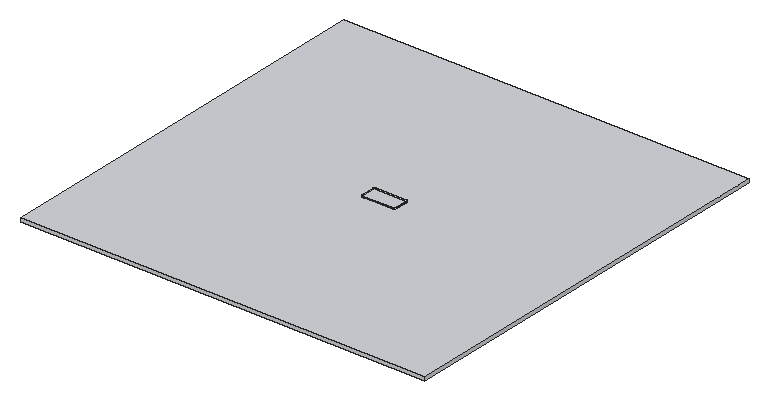
Revit family
Parameters (values of type "2"")
  URL = "WWW.MIFAB.COM"
  Top Width = 4.00"
  Top Length = 8.00"
  Pipe Outer Radius = Pipe Radius + 0.08"  # 1.08"
  Pipe Radius = Pipe Diameter / 2  # 1.00"
  Pipe Diameter = 2.00"
  Model = "F1880"
  Manufacturer = "MIFAB"
  Floor Drain Material = Paint - Sherwin Williams Paint - #952C2A - Bellwood Red
  Description = "4\" x 8\" OPEN SIGHT DRIP DRAINS"
  Default Elevation = 0.00"
  Body Height = 6.00"
Types (4): name | URL | Pipe Outer Radius | Pipe Radius | Pipe Diameter
  (no name) | "WWW.MIFAB.COM" | 1.08" | 1.00" | 2.00"
  2" | "WWW.MIFAB.COM" | 1.08" | 1.00" | 2.00"
  3" | "WWW,MIFAB.COM" | 1.58" | 1.50" | 3.00"
  4" | "WWW,MIFAB.COM" | 2.08" | 2.00" | 4.00"
Reference planes (in)
  plane 1 "Center (Front/Back)": y = 0
  plane 2: z = 0
  plane 3 "Center (Left/Right)": x = 0
  plane 4: x = -1
  plane 5: x = 1
  plane 6: z = -6
  plane 7: z = -4
  plane 8: y = 2
  plane 9: y = -2
  plane 10: x = -4
  plane 11: x = 4
  plane 12: z = -0.19531
Forms (in)
  Extrusion 1, solid
    sketch origin (0, 0, 0) x (1, 0, 0) y (0, 1, 0)
      loop
        line (-48, 48) -> (-48, -48) -> (48, -48) -> (48, 48) -> (-48, 48)
    from 0 to -0.83652
  Revolve 2, solid, material "Paint - Sherwin Williams Paint - #952C2A - Bellwood Red" <- "Floor Drain Material"
    sketch origin (0, 0, 0) x (1, 0, 0) y (0, 0, 1)
      loop
        line (1, -4.89315) -> (1, -6) -> (1.08, -6) -> (1.08, -4.89315) -> (1, -4.89315)
      axis (0, -4.89315) -> (0, -6)
    angle from 0 to 360
  Sweep 3, solid, material "Paint - Sherwin Williams Paint - #952C2A - Bellwood Red" <- "Floor Drain Material"
    path origin (0, 0, 0) x (1, 0, 0) y (0, 1, 0)
      loop
        arc (-3.6, 2) -> (-3.88284, 1.88284) -> (-4, 1.6) r 0.4
        line (-4, 1.6) -> (-4, -1.6)
        arc (-4, -1.6) -> (-3.88284, -1.88284) -> (-3.6, -2) r 0.4
        line (-3.6, -2) -> (3.6, -2)
        arc (3.6, -2) -> (3.88284, -1.88284) -> (4, -1.6) r 0.4
        line (4, -1.6) -> (4, 1.6)
        arc (4, 1.6) -> (3.88284, 1.88284) -> (3.6, 2) r 0.4
        line (3.6, 2) -> (-3.6, 2)
    profile origin (-4, 0, 0) x (-1, 0, 0) y (0, 0, 1)
      loop
        line (0, 0) -> (-0.08, 0) -> (-0.08, -0.16218) -> (-0.19428, -0.27645) -> (-0.19428, -3.83834) -> (-0.19428, -4) -> (-0.11428, -4) -> (-0.11428, -3.88453) -> (-0.11428, -0.30959) -> (0, -0.19531) -> (0, 0)
  Blend 4, solid, material "Paint - Sherwin Williams Paint - #952C2A - Bellwood Red" <- "Floor Drain Material"
    base sketch origin (0, 0, 0) x (1, 0, 0) y (0, 1, 0)
      loop
        arc (-0.90941, 0.58256) -> (-1.07999, 0.00411) -> (-0.91381, -0.57563) r 1.08
        arc (-0.91381, -0.57563) -> (0, -1.08) -> (0.91381, -0.57563) r 1.08
        arc (0.91381, -0.57563) -> (1.08, 0) -> (0.91381, 0.57563) r 1.08
        arc (0.91381, 0.57563) -> (0.00411, 1.07999) -> (-0.90941, 0.58256) r 1.08
    top sketch origin (0, 0, 0) x (1, 0, 0) y (0, 1, 0)
      loop
        arc (-3.49111, 1.88) -> (-3.7661, 1.7661) -> (-3.88, 1.49111) r 0.38889
        line (-3.88, 1.49111) -> (-3.88, -1.49111)
        arc (-3.88, -1.49111) -> (-3.7661, -1.7661) -> (-3.49111, -1.88) r 0.38889
        line (-3.49111, -1.88) -> (3.49111, -1.88)
        arc (3.49111, -1.88) -> (3.7661, -1.7661) -> (3.88, -1.49111) r 0.38889
        line (3.88, -1.49111) -> (3.88, 1.49111)
        arc (3.88, 1.49111) -> (3.7661, 1.7661) -> (3.49111, 1.88) r 0.38889
        line (3.49111, 1.88) -> (-3.49111, 1.88)
    from -4.89315 to -4
Lines and regions (in)
  symbolic lines
    curve 1: line (-3.5, 2, 0) -> (3.5, 2, 0)
    curve 2: line (-4, -1.5, 0) -> (-4, 1.5, 0)
    curve 3: line (3.5, -2, 0) -> (-3.5, -2, 0)
    curve 4: line (4, 1.5, 0) -> (4, -1.5, 0)
    curve 5: arc (3.5, -2, 0) -> (3.85355, -1.85355, 0) -> (4, -1.5, 0) r 0.5
    curve 6: arc (-3.5, -2, 0) -> (-3.85355, -1.85355, 0) -> (-4, -1.5, 0) r 0.5
    curve 7: arc (-4, 1.5, 0) -> (-3.85355, 1.85355, 0) -> (-3.5, 2, 0) r 0.5
    curve 8: arc (3.5, 2, 0) -> (3.85355, 1.85355, 0) -> (4, 1.5, 0) r 0.5
  symbolic lines, style "PlumbingFixturesHiddenLines"
    curve 9: circle (0, 0, 0) r 1 normal (0, 0, 1)
Dimensions and locks (in)
  equal spacing: plane 5, plane 3 "Center (Left/Right)", plane 4
  "Pipe Diameter": plane 5 to plane 4
  "Body Height": Extrusion 1 to plane 6
  Revolve 2 sketch curve to Revolve 2 sketch curve = 0.08"
  equal spacing: plane 8, plane 1 "Center (Front/Back)", plane 9
  "Top Width": plane 8 to plane 9
  equal spacing: plane 10, plane 3 "Center (Left/Right)", plane 11
  "Top Length": plane 10 to plane 11
  locked: Extrusion 1 to plane 12 at 0.19531
  plane 10 to Blend 4 sketch curve = 0.12"
  Blend 4 sketch curve to plane 9 = 0.12"
  Blend 4 sketch curve to plane 11 = 0.12"
  Blend 4 sketch curve to plane 8 = 0.12"
  locked: plane 2 to plane 7 at 4
  "Pipe Outer Radius": radius of Blend 4 sketch curve
  "Pipe Radius": radius of curve 9
  aligned and locked: plane 2 to Extrusion 1
  aligned and locked: level to Extrusion 1
  aligned and locked: plane 6 to Revolve 2 sketch curve
  aligned and locked: Sweep 3 sketch curve to plane 8
  aligned and locked: plane 10 to Sweep 3 sketch curve
  aligned and locked: Sweep 3 sketch curve to plane 9
  aligned and locked: plane 11 to Sweep 3 sketch curve
  aligned: Blend 4 to plane 6
  aligned and locked: plane 7 to Blend 4
  aligned and locked: Blend 4 to Revolve 2
  aligned and locked: curve 1 to plane 8
  aligned and locked: plane 10 to curve 2
  aligned and locked: curve 3 to plane 9
  aligned and locked: plane 11 to curve 4
Automatic sketch dimensions
  Extrusion 1 sketch curve to Extrusion 1 sketch curve = 96.00"  (x2)
  Sweep 3 sketch curve to level = 0.00"
  Sweep 3 sketch curve to profile plane = 0.00"
  profile plane to Sweep 3 sketch curve = 0.08"
  profile plane to Sweep 3 sketch curve = 0.11428"
  Sweep 3 sketch curve to Sweep 3 sketch curve = 0.08"
  Sweep 3 sketch curve to level = 0.16218"
  Sweep 3 sketch curve to Sweep 3 sketch curve = 0.03314"  (x2)
  Sweep 3 sketch curve to Sweep 3 sketch curve = 0.11428"
  Sweep 3 sketch curve to Sweep 3 sketch curve = 3.52875"
  Sweep 3 sketch curve to Sweep 3 sketch curve = 0.04619"
  Sweep 3 sketch curve to Sweep 3 sketch curve = 0.11547"
  Sweep 3 sketch curve to plane 9 = 0.40"
  plane 10 to Sweep 3 sketch curve = 0.40"
  Sweep 3 sketch curve to plane 8 = 0.40"
  plane 11 to Sweep 3 sketch curve = 0.40"
  plane 1 "Center (Front/Back)" to Blend 4 sketch curve = 0.00"
  Blend 4 sketch curve to plane 3 "Center (Left/Right)" = 0.00"
  Blend 4 sketch curve to Blend 4 sketch curve = 0.00"  (x5)
  plane 4 to Blend 4 sketch curve = 0.08619"
  plane 4 to Blend 4 sketch curve = 0.09059"
  plane 5 to Blend 4 sketch curve = 0.08619"  (x2)
  Revolve 2 sketch curve to plane 3 "Center (Left/Right)" = 0.00"
  plane 5 to Revolve 2 sketch curve = 0.00"
  Revolve 2 sketch curve to plane 6 = 18.00"
  Revolve 2 sketch curve to plane 7 = 0.89315"
  level to Revolve 2 sketch curve = 102.71882"
  plane 10 to Blend 4 sketch curve = 0.50889"  (x2)
  plane 11 to Blend 4 sketch curve = 0.50889"  (x2)
  plane 1 "Center (Front/Back)" to curve 9 = 0.00"
  curve 9 to plane 3 "Center (Left/Right)" = 0.00"
  plane 10 to curve 3 = 0.50"
  curve 7 to plane 8 = 0.50"
  plane 11 to curve 5 = 0.50"
  plane 11 to curve 8 = 0.50"
Connectors (in)
  piping at (0, 0, -6), driven by "Pipe Radius"
    settings: on Revolve 2, index 1, connector radius 1", flow factor 0, pipe flow 0 GPM, pressure drop 0.00 psi, fitting loss kfactor 0, connector angle 0.00°, fixture units 0, flow configuration 3, flow direction 2, fitting loss method 0, system type 16, connector reference index -1, connector utility 0, adjustable connector no, is connector primary yes, fitting loss table "", connector description "Sanitary Out"
